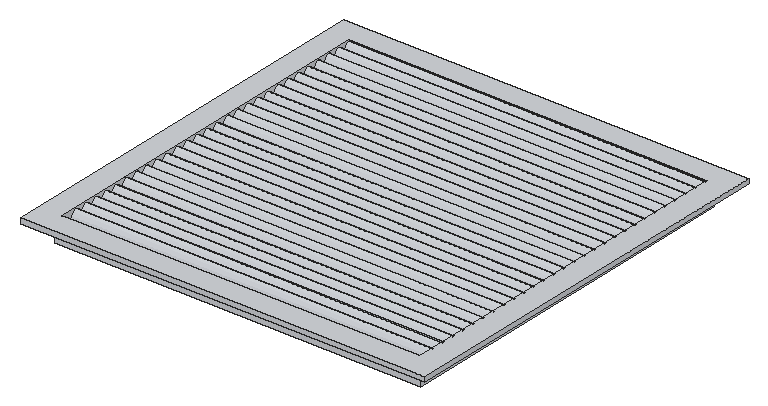
Revit family "E-1", category Air Terminals, host Face, Revit 2025
Family settings
  Host = Face
  Round Connector Dimension = Use Diameter
  Part Type = Normal
  Cut with Voids When Loaded = Yes
  Maintain Annotation Orientation = No
  Shared = No
  Room Calculation Point = No
Parameters (values of type "23RL")
  x = S - 1"  # 21 1/4"
  URL = "https://www.titus-hvac.com/products/Grilles/23RL"
  Type Comments = ""
  S - 3/4" = (S - 3/4") / 2  # 10 3/4"
  Model = "23RL"
  Manufacturer = "TITUS"
  Flow [instance] = 1200 CFM
  D' [instance] = D / 2  # 8"
  S - 1/2" = (S - 1/2") / 2  # 10 7/8"
  S + 1 3/4" = (S + 1 3/4") / 2  # 12"
  S = 22 1/4"
  Default Elevation = 48"
  D [instance] = 16"
  Blade Count = rounddown(S / (3/4")) - 1  # 28
Reference planes (in)
  plane 1 "Center (Front/Back)": y = 0
  plane 2: z = 0
  plane 3 "Center (Left/Right)": x = 0
  plane 4: y = 10.625
  plane 5: y = -10.625
  plane 6: x = 0
  plane 7: y = 0
Forms (in)
  Sweep 1, solid, detail levels medium+fine
    path origin (0, 0, 0) x (1, 0, 0) y (0, 1, 0)
      loop
        line (-11.125, 11.125) -> (-11.125, -11.125) -> (11.125, -11.125) -> (11.125, 11.125) -> (-11.125, 11.125)
    profile origin (0, 11.125, 0) x (0, 1, 0) y (0, 0, 1)
      loop
        line (-0.5, 0.125) -> (-0.5, -1.125) -> (-0.375, -1.125) -> (-0.375, 0) -> (0.75, 0) -> (0.75, -0.15671) -> (0.875, -0.15671) -> (0.875, 0.125) -> (-0.5, 0.125)
      loop
        line (-0.33748, -0.875) -> (-0.33748, -1.17973) -> (-3.25, -1.17973) -> (-3.25, -2.75) -> (-2.69819, -2.75) -> (-2.69819, -2.625) -> (-3.125, -2.625) -> (-3.125, -1.30473) -> (-0.25, -1.30473) -> (-0.25, -0.875) -> (-0.33748, -0.875)
  Extrusion 2, void
    sketch origin (0, 0, 0) x (1, 0, 0) y (0, 1, 0)
      loop
        line (-11.625, 11.625) -> (-11.625, -11.625) -> (11.625, -11.625) -> (11.625, 11.625) -> (-11.625, 11.625)
    from -0.875 to 0.37471
Lines and regions (in)
  symbolic lines, not visible
    curve 1: line (-18.4983, 15.79612, 0) -> (19.7517, 15.79612, 0)
    curve 2: line (-18.4983, -20.95388, 0) -> (-18.4983, 15.79612, 0)
    curve 3: line (19.7517, -20.95388, 0) -> (-18.4983, -20.95388, 0)
    curve 4: line (19.7517, 15.79612, 0) -> (19.7517, -20.95388, 0)
Dimensions and locks (in)
  equal spacing: Sweep 1 sketch curve, plane 3 "Center (Left/Right)", Sweep 1 sketch curve
  equal spacing: Sweep 1 sketch curve, plane 1 "Center (Front/Back)", Sweep 1 sketch curve
  "S": Sweep 1 sketch curve to Sweep 1 sketch curve  (x2)
  "S - 3/4"": plane 1 "Center (Front/Back)" to Sweep 1 sketch curve
  "S - 1/2"": plane 1 "Center (Front/Back)" to Sweep 1 sketch curve
  "S + 1 3/4"": plane 1 "Center (Front/Back)" to Sweep 1 sketch curve
  Sweep 1 sketch curve to plane 2 = 1 1/8"
  Sweep 1 sketch curve to Sweep 1 sketch curve = 2 7/8"
  "D'": plane 1 "Center (Front/Back)" to Sweep 1 sketch curve
  Sweep 1 sketch curve to Sweep 1 sketch curve = 1/8"  (x5)
  Sweep 1 sketch curve to Sweep 1 sketch curve = 0.28171"
  equal spacing: plane 5, plane 1 "Center (Front/Back)", plane 4
  "x": plane 5 to plane 4
  aligned and locked: plane 2 to host face
  aligned and locked: level to host face
  aligned and locked: nested 1 to plane 4
  aligned and locked: plane 5 to nested 1
  aligned and locked: plane 1 "Center (Front/Back)" to nested 2
Automatic sketch dimensions
  host sketch curve to host sketch curve = 96"  (x2)
  Extrusion 2 sketch curve to plane 3 "Center (Left/Right)" = 11 5/8"
  plane 3 "Center (Left/Right)" to Extrusion 2 sketch curve = 11 5/8"
  plane 1 "Center (Front/Back)" to Extrusion 2 sketch curve = 11 5/8"
  Extrusion 2 sketch curve to plane 1 "Center (Front/Back)" = 11 5/8"
  Sweep 1 sketch curve to level = 0"
  Sweep 1 sketch curve to Sweep 1 sketch curve = 0.42681"
  Sweep 1 sketch curve to Sweep 1 sketch curve = 0.08748"
  Sweep 1 sketch curve to Sweep 1 sketch curve = 1/8"
  Sweep 1 sketch curve to level = 1.30473"
  Sweep 1 sketch curve to Sweep 1 sketch curve = 1/4"
Nested families (in)
  nested 1: "Blades" at (0, 10.625, -0.88439) x (0, -1, 0) z (0, 0, 1), type "Family2", detail levels medium+fine
    with Width 21 1/4", built-in parameter 1001306 1.7708 (stored number, unit not read), Count 28
  nested 2: "Family4" at (0, 0, 0), type "Family4", detail levels coarse
Connectors (in)
  hvac at (0, 0, -2.75), driven by "D", driven by "D", driven by "Flow"
    settings: on Sweep 1, index 1, duct flow 1200 CFM, flow factor 0, pres drop 0.00 in-wg, loss coef 0, conn angle 0.00°, conn width 16", conn height 16", conn diameter 24", duct sys type 2, conn prof type 1, flow config 1, flow direction 1, loss method 4, conn ref index -1, conn util no, is conn primary yes, conn desc ""
Definition of nested family "Blades"
  Parameters (values of type "Family2")
    Width [instance] = 27.05847"
    built-in parameter 1001306 [instance] = Width  # 27.05847"
    Default Elevation = 0"
    Count [instance] = round([built-in parameter 1001306] / (3/4"))  # 36
  Reference planes (in)
    plane 1 "Center (Front/Back)": y = 0
    plane 2: z = 0
    plane 3 "Left": x = 0
    plane 4 "Right": x = 27.05847
    plane 5: x = 27.05847
  Lines and regions (in)
    reference lines
      curve 1: line (0, 0, 0) -> (27.05847, 0, 0)
  Dimensions and locks (in)
    "built-in parameter 1001306": plane 3 "Left" to plane 4 "Right"
    equal spacing: group 1, group 2, group 3, group 4, group 5, group 6, group 7, group 8, group 9, group 10, group 11, group 12, group 13, group 14, group 15, group 16, group 17, group 18, group 19, group 20, group 21, group 22, group 23, group 24, group 25, group 26, group 27, group 28, group 29, group 30, group 31, group 32, group 33, group 34, group 35, group 36  (x3)
    aligned and locked: plane 4 "Right" to curve 1
    aligned and locked: plane 1 "Center (Front/Back)" to curve 1
    aligned and locked: plane 3 "Left" to curve 1
    aligned and locked: level to plane 2
    aligned and locked: plane 5 to plane 4 "Right"
  Nested families (in)
    nested 1: "Family3" at (0, 0, 0) x (0, 1, 0) z (0, 0, 1), type "Family3"
      with Width 27.05847"
    nested 2: "Family3" at (0.75, 0, 0) x (0, 1, 0) z (0, 0, 1), type "Family3"
      with Width 27.05847"
    nested 3: "Family3" at (1.5, 0, 0) x (0, 1, 0) z (0, 0, 1), type "Family3"
      with Width 27.05847"
    nested 4: "Family3" at (2.25, 0, 0) x (0, 1, 0) z (0, 0, 1), type "Family3"
      with Width 27.05847"
    nested 5: "Family3" at (3, 0, 0) x (0, 1, 0) z (0, 0, 1), type "Family3"
      with Width 27.05847"
    nested 6: "Family3" at (3.75, 0, 0) x (0, 1, 0) z (0, 0, 1), type "Family3"
      with Width 27.05847"
    nested 7: "Family3" at (4.5, 0, 0) x (0, 1, 0) z (0, 0, 1), type "Family3"
      with Width 27.05847"
    nested 8: "Family3" at (5.25, 0, 0) x (0, 1, 0) z (0, 0, 1), type "Family3"
      with Width 27.05847"
    nested 9: "Family3" at (6, 0, 0) x (0, 1, 0) z (0, 0, 1), type "Family3"
      with Width 27.05847"
    nested 10: "Family3" at (6.75, 0, 0) x (0, 1, 0) z (0, 0, 1), type "Family3"
      with Width 27.05847"
    nested 11: "Family3" at (7.5, 0, 0) x (0, 1, 0) z (0, 0, 1), type "Family3"
      with Width 27.05847"
    nested 12: "Family3" at (8.25, 0, 0) x (0, 1, 0) z (0, 0, 1), type "Family3"
      with Width 27.05847"
    nested 13: "Family3" at (9, 0, 0) x (0, 1, 0) z (0, 0, 1), type "Family3"
      with Width 27.05847"
    nested 14: "Family3" at (9.75, 0, 0) x (0, 1, 0) z (0, 0, 1), type "Family3"
      with Width 27.05847"
    nested 15: "Family3" at (10.5, 0, 0) x (0, 1, 0) z (0, 0, 1), type "Family3"
      with Width 27.05847"
    nested 16: "Family3" at (11.25, 0, 0) x (0, 1, 0) z (0, 0, 1), type "Family3"
      with Width 27.05847"
    nested 17: "Family3" at (12, 0, 0) x (0, 1, 0) z (0, 0, 1), type "Family3"
      with Width 27.05847"
    nested 18: "Family3" at (12.75, 0, 0) x (0, 1, 0) z (0, 0, 1), type "Family3"
      with Width 27.05847"
    nested 19: "Family3" at (13.5, 0, 0) x (0, 1, 0) z (0, 0, 1), type "Family3"
      with Width 27.05847"
    nested 20: "Family3" at (14.25, 0, 0) x (0, 1, 0) z (0, 0, 1), type "Family3"
      with Width 27.05847"
    nested 21: "Family3" at (15, 0, 0) x (0, 1, 0) z (0, 0, 1), type "Family3"
      with Width 27.05847"
    nested 22: "Family3" at (15.75, 0, 0) x (0, 1, 0) z (0, 0, 1), type "Family3"
      with Width 27.05847"
    nested 23: "Family3" at (16.5, 0, 0) x (0, 1, 0) z (0, 0, 1), type "Family3"
      with Width 27.05847"
    nested 24: "Family3" at (17.25, 0, 0) x (0, 1, 0) z (0, 0, 1), type "Family3"
      with Width 27.05847"
    nested 25: "Family3" at (18, 0, 0) x (0, 1, 0) z (0, 0, 1), type "Family3"
      with Width 27.05847"
    nested 26: "Family3" at (18.75, 0, 0) x (0, 1, 0) z (0, 0, 1), type "Family3"
      with Width 27.05847"
    nested 27: "Family3" at (19.5, 0, 0) x (0, 1, 0) z (0, 0, 1), type "Family3"
      with Width 27.05847"
    nested 28: "Family3" at (20.25, 0, 0) x (0, 1, 0) z (0, 0, 1), type "Family3"
      with Width 27.05847"
    nested 29: "Family3" at (21, 0, 0) x (0, 1, 0) z (0, 0, 1), type "Family3"
      with Width 27.05847"
    nested 30: "Family3" at (21.75, 0, 0) x (0, 1, 0) z (0, 0, 1), type "Family3"
      with Width 27.05847"
    nested 31: "Family3" at (22.5, 0, 0) x (0, 1, 0) z (0, 0, 1), type "Family3"
      with Width 27.05847"
    nested 32: "Family3" at (23.25, 0, 0) x (0, 1, 0) z (0, 0, 1), type "Family3"
      with Width 27.05847"
    nested 33: "Family3" at (24, 0, 0) x (0, 1, 0) z (0, 0, 1), type "Family3"
      with Width 27.05847"
    nested 34: "Family3" at (24.75, 0, 0) x (0, 1, 0) z (0, 0, 1), type "Family3"
      with Width 27.05847"
    nested 35: "Family3" at (25.5, 0, 0) x (0, 1, 0) z (0, 0, 1), type "Family3"
      with Width 27.05847"
    nested 36: "Family3" at (26.25, 0, 0) x (0, 1, 0) z (0, 0, 1), type "Family3"
      with Width 27.05847"
  Definition of nested family "Family3"
    Parameters
      Width = 51.16047"
      Default Elevation = 0"
    Reference planes (in)
      plane 1 "Center (Front/Back)": y = 0
      plane 2: z = 0
      plane 3 "Center (Left/Right)": x = 0
      plane 4: x = -25.58024
      plane 5: x = 25.58024
      plane 6: y = 0.48061
      plane 7: y = 0
    Forms (in)
      Extrusion 1, solid
        sketch origin (0, 0, 0) x (0, 1, 0) y (0, 0, 1)
          loop
            spline (0, 0.97814) -> (0.06956, 0.94089) -> (0.13307, 0.8956) -> (0.19053, 0.84226) -> (0.24194, 0.78087) -> (0.28731, 0.71143) -> (0.32662, 0.63394) -> (0.35989, 0.54841) -> (0.38711, 0.45482) -> (0.40828, 0.35319) -> (0.4234, 0.24351) -> (0.43247, 0.12578) -> (0.4355, 0)
            line (0.4355, 0) -> (0.48061, 0)
            spline (0.48061, 0) -> (0.47971, 0.1242) -> (0.47254, 0.24097) -> (0.4591, 0.35031) -> (0.4394, 0.45221) -> (0.41343, 0.54669) -> (0.38119, 0.63374) -> (0.34268, 0.71336) -> (0.29791, 0.78555) -> (0.24686, 0.85031) -> (0.18956, 0.90763) -> (0.12598, 0.95753) -> (0.05613, 1)
            line (0.05613, 1) -> (0, 0.97814)
        from -25.58024 to 25.58024
    Dimensions and locks (in)
      equal spacing: plane 4, plane 3 "Center (Left/Right)", plane 5
      "Width": plane 4 to plane 5
      aligned and locked: plane 2 to level
      aligned and locked: Extrusion 1 to plane 4
      aligned and locked: Extrusion 1 to plane 5
      aligned and locked: plane 6 to Extrusion 1
    Automatic sketch dimensions
      Extrusion 1 sketch curve to plane 1 "Center (Front/Back)" = 0"
      Extrusion 1 sketch curve to level = 0"
      Extrusion 1 sketch curve to plane 1 "Center (Front/Back)" = 0.05613"
      Extrusion 1 sketch curve to plane 1 "Center (Front/Back)" = 0.4355"
      Extrusion 1 sketch curve to Extrusion 1 sketch curve = 0.04511"
      level to Extrusion 1 sketch curve = 0.97814"
      Extrusion 1 sketch curve to Extrusion 1 sketch curve = 0.02186"
Definition of nested family "Family4"
  Parameters
    Size = 24"
    Default Elevation = 0"
  Reference planes (in)
    plane 1 "Center (Front/Back)": y = 0
    plane 2: z = 0
    plane 3 "Center (Left/Right)": x = 0
  Lines and regions (in)
    symbolic lines
      curve 1: line (-12, 12, 0) -> (12, 12, 0)
      curve 2: line (-12, -12, 0) -> (-12, 12, 0)
      curve 3: line (12, -12, 0) -> (-12, -12, 0)
      curve 4: line (12, 12, 0) -> (12, -12, 0)
      curve 5: line (-12, 12, 0) -> (12, -12, 0)
  Dimensions and locks (in)
    equal spacing: curve 2, plane 3 "Center (Left/Right)", curve 4
    equal spacing: curve 3, plane 1 "Center (Front/Back)", curve 1
    "Size": curve 3 to curve 1
    "Size": curve 2 to curve 4
    aligned and locked: plane 2 to level
